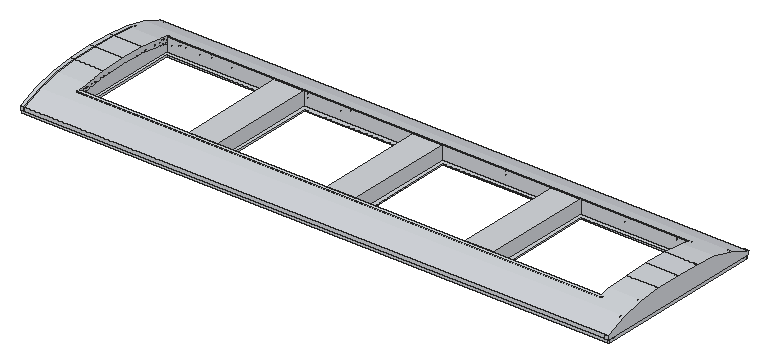
Revit family "Gira_021450", category Electrical Fixtures, host Face, Revit 2017
Family settings
  Host = Face
  Maintain Annotation Orientation = No
  Round Connector Dimension = Use Diameter
  Part Type = Normal
  Cut with Voids When Loaded = No
  Shared = No
  Room Calculation Point = No
Parameters (values of type "Cov.fr. 4-g interm.fr. CAl Gira Event Opaque white")
  With mounting grid = "No"
  With hinged lid = "No"
  URL = "http://katalog.gira.de/en/datenblatt.html?artikelnr=021450"
  Type of fastening = "Clamp mounting"
  Transparent = "No"
  Surface protection = "Other"
  Suitable for wall duct = "No"
  Suitable for flush-mounted installation = "Yes"
  Suitable for floor box = "No"
  Suitable for built-in installation = "No"
  Number of units vertical = "4"
  Number of units horizontal = "4"
  Number of units = "4"
  Name = "Cov.fr. 4-g interm.fr. CAl Gira Event Opaque white"
  Mounting direction = "Horizontal and vertical"
  Material quality = "Thermoplastic"
  Material = "Plastic"
  Manufacturer URL = "https://www.gira.de/"
  Manufacturer = "Gira"
  Label space/information surface = "No"
  Keynote = ""
  HeinzeBIM = "https://bimportal.heinze.de/bim/cov-fr-4-g-interm-fr-cal-gira-event-opaque-white/067dac9a02bb371aadbe46fb828f48508d15581b"
  Halogen free = "Yes"
  HAN = "021450"
  GTIN = "4010337214502"
  Description = "Cov.fr.4g i.fr.CAl EvOp WH,Gira Event Opaque frames,white with colour aluminium intermediate frame,4-gang,Features:,- Shatter-proof."
  Degree of protection (IP) = "IP20"
  Default Elevation = 1219.2 mm
  Data sheet (1) = "https://katalog.gira.de/en/download.html?artikelnr=021450"
  Colour = "White"
  Category = "Cover frame for domestic switching devices"
  BIM (1) = "https://media.stage.bim.site/public/gira/36a6b08/Event_Rahmen_4fach.rfa"
  Available = "No"
Reference planes
  plane 1 "Center (Front/Back)": y = 0
  plane 2: z = 0
  plane 3 "Center (Left/Right)": x = 0
Forms (mm)
  Extrusion 1, solid, detail levels fine
    sketch origin (0, 0, 0.05) x (0, 1, 0) y (0, 0, 1)
      loop
        arc (12.445, 9.683) -> (6.223, 9.833) -> (0, 9.85) r 291.636
        arc (0, 9.85) -> (-6.223, 9.833) -> (-12.445, 9.683) r 291.636
        arc (-12.445, 9.683) -> (-29.14, 7.482) -> (-45, 1.823) r 79.728
        line (-45, 1.823) -> (-45, -0.05) -> (-42.086, -0.05)
        arc (-42.086, -0.05) -> (-21.385, 5.559) -> (0, 7.206) r 114.424
        arc (0, 7.206) -> (21.385, 5.559) -> (42.086, -0.05) r 114.424
        line (42.086, -0.05) -> (45, -0.05) -> (45, 1.823)
        arc (45, 1.823) -> (29.14, 7.482) -> (12.445, 9.683) r 79.728
    from -151.95 to 151.935
  Extrusion 2, void, detail levels fine
    sketch origin (0, 0, 0) x (1, 0, 0) y (0, 1, 0)
      loop
        line (134.95, 28.035) -> (-134.95, 28.035) -> (-134.95, -28.035) -> (134.95, -28.035) -> (134.95, 28.035)
    from 0.724 to 11
  Extrusion 3, solid, detail levels coarse
    sketch origin (0, 0, 0) x (1, 0, 0) y (0, 1, 0)
      loop
        line (-151.95, 45) -> (-151.95, -45) -> (151.935, -45) -> (151.935, 45) -> (-151.95, 45)
    from -1.5 to 9.9
  Extrusion 4, solid, detail levels medium
    sketch origin (0, 0, 0.05) x (0, 1, 0) y (0, 0, 1)
      loop
        arc (12.445, 9.683) -> (6.223, 9.833) -> (0, 9.85) r 291.636
        arc (0, 9.85) -> (-6.223, 9.833) -> (-12.445, 9.683) r 291.636
        arc (-12.445, 9.683) -> (-29.14, 7.482) -> (-45, 1.823) r 79.728
        line (-45, 1.823) -> (-45, -0.05) -> (45, -0.05) -> (45, 1.823)
        arc (45, 1.823) -> (29.14, 7.482) -> (12.445, 9.683) r 79.728
    from -151.95 to 151.935
  Extrusion 5, solid, detail levels fine
    sketch origin (-106.95, 0, -1.5) x (0, 1, 0) y (0, 0, -1)
      loop
        line (45, -3.373) -> (45, -1.5) -> (-45, -1.5) -> (-45, -3.373)
        arc (-45, -3.373) -> (-29.14, -9.032) -> (-12.445, -11.233) r 79.728
        arc (-12.445, -11.233) -> (-6.223, -11.383) -> (0, -11.4) r 291.636
        arc (0, -11.4) -> (6.223, -11.383) -> (12.445, -11.233) r 291.636
        arc (12.445, -11.233) -> (29.14, -9.032) -> (45, -3.373) r 79.728
    from 43 to 45
  Extrusion 6, solid, detail levels fine
    sketch origin (0, 0, 0) x (1, 0, 0) y (0, 1, 0)
      loop
        line (-132.85, 25.7) -> (-132.85, -25.7) -> (-81.05, -25.7) -> (-81.05, 25.7) -> (-132.85, 25.7)
      loop
        line (-9.755, -25.7) -> (-9.755, 25.7) -> (-61.555, 25.7) -> (-61.555, -25.7) -> (-9.755, -25.7)
      loop
        line (-135.845, 28.49) -> (-135.845, -28.495)
        spline (-135.845, -28.495) -> (-135.836, -28.625) -> (-135.811, -28.754) -> (-135.769, -28.878) -> (-135.711, -28.995) -> (-135.638, -29.104) -> (-135.552, -29.202) -> (-135.454, -29.288) -> (-135.345, -29.361) -> (-135.228, -29.419) -> (-135.104, -29.461) -> (-134.975, -29.486) -> (-134.845, -29.495)
        line (-134.845, -29.495) -> (134.845, -29.495)
        spline (134.845, -29.495) -> (134.975, -29.486) -> (135.104, -29.461) -> (135.228, -29.419) -> (135.345, -29.361) -> (135.454, -29.288) -> (135.552, -29.202) -> (135.638, -29.104) -> (135.711, -28.995) -> (135.769, -28.878) -> (135.811, -28.754) -> (135.836, -28.625) -> (135.845, -28.495)
        line (135.845, -28.495) -> (135.845, 28.49)
        spline (135.845, 28.49) -> (135.836, 28.62) -> (135.811, 28.748) -> (135.769, 28.872) -> (135.711, 28.99) -> (135.638, 29.098) -> (135.552, 29.197) -> (135.454, 29.283) -> (135.345, 29.356) -> (135.228, 29.413) -> (135.104, 29.456) -> (134.975, 29.481) -> (134.845, 29.49)
        line (134.845, 29.49) -> (-134.845, 29.49)
        spline (-134.845, 29.49) -> (-134.975, 29.481) -> (-135.104, 29.456) -> (-135.228, 29.413) -> (-135.345, 29.356) -> (-135.454, 29.283) -> (-135.552, 29.197) -> (-135.638, 29.098) -> (-135.711, 28.99) -> (-135.769, 28.872) -> (-135.811, 28.748) -> (-135.836, 28.62) -> (-135.845, 28.49)
      loop
        line (61.545, -25.7) -> (61.545, 25.7) -> (9.745, 25.7) -> (9.745, -25.7) -> (61.545, -25.7)
      loop
        line (132.85, -25.7) -> (132.85, 25.7) -> (81.05, 25.7) -> (81.05, -25.7) -> (132.85, -25.7)
    from 0.1 to 7.3
  Extrusion 7, solid
    sketch origin (0, 0, 0) x (1, 0, 0) y (0, 1, 0)
      loop
        arc (-151.65, -44.218) -> (-151.504, -44.572) -> (-151.15, -44.718) r 0.5
        line (-151.15, -44.718) -> (151.15, -44.718)
        arc (151.15, -44.718) -> (151.504, -44.572) -> (151.65, -44.218) r 0.5
        line (151.65, -44.218) -> (151.65, 44.182)
        arc (151.65, 44.182) -> (151.504, 44.535) -> (151.15, 44.682) r 0.5
        line (151.15, 44.682) -> (-151.15, 44.682)
        arc (-151.15, 44.682) -> (-151.504, 44.535) -> (-151.65, 44.182) r 0.5
        line (-151.65, 44.182) -> (-151.65, -44.218)
      loop
        line (-149.95, 42.982) -> (-149.95, -43.018) -> (149.95, -43.018) -> (149.95, 42.982) -> (-149.95, 42.982)
    from -1.5 to 0.5
  Extrusion 8, solid, detail levels fine
    sketch origin (106.935, 0, -1.5) x (0, 1, 0) y (0, 0, 1)
      loop
        arc (45, 3.373) -> (29.14, 9.032) -> (12.445, 11.233) r 79.728
        arc (12.445, 11.233) -> (6.223, 11.383) -> (0, 11.4) r 291.636
        arc (0, 11.4) -> (-6.223, 11.383) -> (-12.445, 11.233) r 291.636
        arc (-12.445, 11.233) -> (-29.14, 9.032) -> (-45, 3.373) r 79.728
        line (-45, 3.373) -> (-45, 1.5) -> (45, 1.5) -> (45, 3.373)
    from 43 to 45
  Extrusion 9, solid, detail levels medium
    sketch origin (0, 0, 0) x (1, 0, 0) y (0, 1, 0)
      loop
        line (-151.65, -44.718) -> (151.65, -44.718) -> (151.65, 44.682) -> (-151.65, 44.682) -> (-151.65, -44.718)
    from -1.5 to 0.5
  Extrusion 10, solid, detail levels fine
    sketch origin (-69.857, 0, 0) x (1, 0, 0) y (0, 1, 0)
      loop
        line (-8.943, 28.063) -> (-8.943, -27.937) -> (6.057, -27.937) -> (6.057, 28.063) -> (-8.943, 28.063)
    from 0.724 to 7.566
  Extrusion 11, solid, detail levels fine
    sketch origin (-1.443, 0, 0) x (-1, 0, 0) y (0, -1, 0)
      loop
        line (-8.943, -28.063) -> (6.057, -28.063) -> (6.057, 27.937) -> (-8.943, 27.937) -> (-8.943, -28.063)
    from 0.724 to 7.566
  Extrusion 12, solid, detail levels fine
    sketch origin (69.857, 0, 0) x (-1, 0, 0) y (0, -1, 0)
      loop
        line (-8.943, -28.063) -> (6.057, -28.063) -> (6.057, 27.937) -> (-8.943, 27.937) -> (-8.943, -28.063)
    from 0.724 to 7.566
Cuts and joins
  Extrusion 2 cuts Extrusion 1
  Extrusion 2 cuts Extrusion 6
Dimensions and locks
  aligned and locked: plane 2 to host face
  aligned and locked: level to host face
